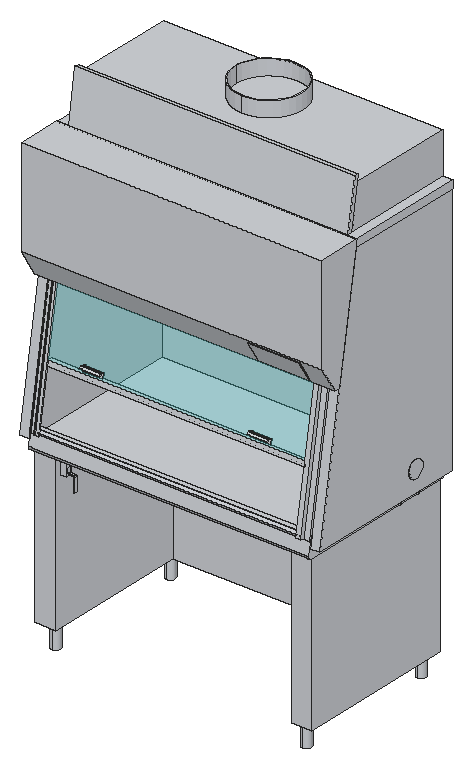
Revit family
Parameters (values of type "NCB-D4")
  Worksurface Length = "49 5/8\""
  Worksurface Depth = "18 7/8\""
  Receptacles = "2 GFCI on circuit breaker, 5 amp total"
  Power cord = "14' cord, 20-amp plug"
  Power Requirements = "115V-1 Phase, 60 Hz, 20 amps"
  Net Weight = "845 lbs"
  Model = "NCB-D4"
  Manufacturer = "The Baker Company"
  Height = "89 1/4\""
  Exhaust collar = 1' - 0"
  Exhaust Flow Requirements (CFM) = "281"
  Cabinet Width = 4' - 5 11/16"
Reference planes (in)
  plane 1 "Center (Front/Back)": y = 4.44022
  plane 2: z = -0.5
  plane 3 "Center (Left/Right)": x = 0
  plane 4: x = 52.9934
  plane 5: y = -24.50243
  plane 6: through (0, -28.49684, 44.979) normal (0, -0.1736, -0.9848)
  plane 7: y = -2.72235
  plane 8: y = -0.39632
  plane 9: through (0, -23.26689, 47.84169) normal (0, -0.9848, 0.1736)
  plane 10: z = 3.92167
  plane 11: x = 52.03906
  plane 12: x = 13.36769
  plane 13: x = 39.45975
  plane 14: x = 43.0058
  plane 15: x = 9.82164
  plane 16: x = 51.28246
  plane 17: x = 50.08301
  plane 18: z = 57.33061
  plane 19: z = 61.98666
  plane 20: z = 79.26318
Forms (in)
  Extrusion 1, solid
    sketch origin (0, 0, -4.59015) x (0, 1, 0) y (0, 0, 1)
      loop
        line (4.44022, 82.53692) -> (-16.95284, 82.53692) -> (-24.90366, 37.78509) -> (4.44022, 37.78509) -> (4.44022, 82.53692)
    from 0 to 1.71094
  Extrusion 2, solid
    sketch origin (0, 4.44022, 0) x (1, 0, 0) y (0, 0, 1)
      loop
        line (1.71094, 77.94677) -> (1.71094, 33.24949) -> (51.28246, 33.24949) -> (51.28246, 77.94677) -> (1.71094, 77.94677)
    from 0 to 0.10547
  Extrusion 3, solid
    sketch origin (0, -0.66566, -16.8125) x (0, 1, 0) y (0, 0, 1)
      loop
        line (5.10588, 96.07568) -> (-16.12016, 96.07568) -> (-16.12016, 94.75927) -> (5.10588, 94.75927) -> (5.10588, 96.07568)
    from 0 to 52.9934
  Extrusion 4, solid
    sketch origin (0, 0, -4.61345) x (0, 1, 0) y (0, 0, 1)
      loop
        line (4.44022, 37.80839) -> (-23.69955, 37.80839) -> (-23.69955, 39.70512) -> (-24.5845, 39.70512) -> (-25.12151, 36.65956)
        arc (-25.12151, 36.65956) -> (-25.01118, 36.24779) -> (-24.62482, 36.06763) r 0.50435
        line (-24.62482, 36.06763) -> (4.44022, 36.06763) -> (4.44022, 37.80839)
    from 1.71094 to 51.28246
  Extrusion 5, solid, detail levels fine
    sketch origin (0, 0, -4.61135) x (0, 1, 0) y (0, 0, 1)
      loop
        line (-24.56989, 38.86429) -> (-24.56989, 39.71023) -> (-25.31039, 39.5256) -> (-24.78644, 38.86429) -> (-24.56989, 38.86429)
    from 2.89446 to 49.85998
  Extrusion 6, solid, detail levels fine
    sketch origin (0, 1.5, -3.4375) x (0, 1, 0) y (0, 0, 1)
      loop
        line (-25.53288, 50.13774) -> (-25.1327, 50.41795)
        arc (-25.1327, 50.41795) -> (-25.11622, 50.42443) -> (-25.09852, 50.42488) r 0.05099
        line (-25.09852, 50.42488) -> (-24.66862, 50.34907)
        arc (-24.66862, 50.34907) -> (-24.63612, 50.32837) -> (-24.62778, 50.29075) r 0.05035
        line (-24.62778, 50.29075) -> (-24.78002, 49.42735)
        arc (-24.78002, 49.42735) -> (-24.76863, 49.47696) -> (-24.75225, 49.52516) r 0.49902
        line (-24.75225, 49.52516) -> (-24.60136, 50.38094)
        arc (-24.60136, 50.38094) -> (-24.62428, 50.39822) -> (-24.65142, 50.40756) r 0.09174
        line (-24.65142, 50.40756) -> (-25.08962, 50.48483)
        arc (-25.08962, 50.48483) -> (-25.13025, 50.48394) -> (-25.16745, 50.46758) r 0.10415
        line (-25.16745, 50.46758) -> (-25.56763, 50.18737)
        arc (-25.56763, 50.18737) -> (-25.57507, 50.14518) -> (-25.53288, 50.13774) r 0.03029
    from 9.82164 to 13.36769
  Extrusion 7, solid, detail levels fine
    sketch origin (30.39471, 1.5, -3.43057) x (0, 1, 0) y (0, 0, 1)
      loop
        line (-25.53288, 50.13774) -> (-25.1327, 50.41795)
        arc (-25.1327, 50.41795) -> (-25.11622, 50.42443) -> (-25.09852, 50.42488) r 0.05099
        line (-25.09852, 50.42488) -> (-24.66862, 50.34907)
        arc (-24.66862, 50.34907) -> (-24.63612, 50.32837) -> (-24.62778, 50.29075) r 0.05035
        line (-24.62778, 50.29075) -> (-24.78002, 49.42735)
        arc (-24.78002, 49.42735) -> (-24.76863, 49.47696) -> (-24.75225, 49.52516) r 0.49902
        line (-24.75225, 49.52516) -> (-24.60136, 50.38094)
        arc (-24.60136, 50.38094) -> (-24.62428, 50.39822) -> (-24.65142, 50.40756) r 0.09174
        line (-24.65142, 50.40756) -> (-25.08962, 50.48483)
        arc (-25.08962, 50.48483) -> (-25.13025, 50.48394) -> (-25.16745, 50.46758) r 0.10415
        line (-25.16745, 50.46758) -> (-25.56763, 50.18737)
        arc (-25.56763, 50.18737) -> (-25.57507, 50.14518) -> (-25.53288, 50.13774) r 0.03029
    from 9.06504 to 12.61109
  Extrusion 8, solid
    sketch origin (-6.73016, 7.63281, 35.5) x (0, 1, 0) y (-1, 0, 0)
      loop
        circle (-4.66698, -11.06242) r 0.8
    from -35.5 to -29.5
  Extrusion 9, solid
    sketch origin (-6.73016, -17.71229, 35.5) x (0, 1, 0) y (-1, 0, 0)
      loop
        circle (-4.66698, -11.06242) r 0.8
    from -35.5 to -31.57833
  Extrusion 10, solid
    sketch origin (62.17172, 1.76431, 35.5) x (0, 1, 0) y (-1, 0, 0)
      loop
        circle (1.18818, 13.50441) r 0.8
    from -35.5 to -29.5
  Extrusion 11, solid
    sketch origin (62.17803, -23.56746, 35.5) x (0, 1, 0) y (-1, 0, 0)
      loop
        circle (1.18818, 13.50441) r 0.8
    from -35.5 to -31.57833
  Extrusion 12, solid, detail levels fine
    sketch origin (-17.77472, -28.89286, -3.78215) x (-1, 0, 0) y (0, 0, 1)
      loop
        line (-27.14319, 33.50389) -> (-27.14319, 30.96295) -> (-27.02465, 30.96295) -> (-27.02465, 33.51426) -> (-26.09244, 33.59582)
        arc (-26.09244, 33.59582) -> (-25.97491, 33.61928) -> (-25.92193, 33.72679) r 0.13555
        line (-25.92193, 33.72679) -> (-25.92193, 34.49776) -> (-26.04047, 34.49776) -> (-26.04047, 33.72679) -> (-27.00465, 33.64243)
        arc (-27.00465, 33.64243) -> (-27.10261, 33.60185) -> (-27.14319, 33.50389) r 0.13854
    from 4.30923 to 4.72846
  Extrusion 13, solid, detail levels fine
    sketch origin (33.75428, -23.88055, -17.4478) x (0, 0, 1) y (-1, 0, 0)
      loop
        line (49.03625, 25.58985) -> (49.03625, 26.57695) -> (46.81996, 26.57695) -> (46.81996, 25.58985) -> (49.03625, 25.58985)
    from 0 to 0.9593
  Extrusion 14, solid
    sketch origin (0, -180, 36.53456) x (-1, 0, 0) y (0, -1, 0)
      loop
        line (-1.98562, -184.18781) -> (-1.98562, -155.77629) -> (-5.72976, -155.77629) -> (-5.72976, -181.77765) -> (-47.48183, -181.77765) -> (-47.48183, -155.77378) -> (-51.00923, -155.77378) -> (-51.00923, -184.18781) -> (-1.98562, -184.18781)
    from -32.61289 to -5.08038
  Extrusion 15, solid
    sketch origin (9.4375, -19.66509, 38.59288) x (0, 0.984808, -0.173648) y (1, 0, 0)
      loop
        line (-4.92075, -5.78636) -> (-4.92075, -6.54304) -> (-4.37778, -6.54304) -> (-4.37778, -7.70711) -> (-3.21131, -7.70711) -> (-3.21131, -7.60164) -> (-4.27231, -7.60164) -> (-4.27231, -6.43758) -> (-4.81528, -6.43758) -> (-4.81528, -5.78636) -> (-4.92075, -5.78636)
    from -23.87642 to 5.15104
  Extrusion 16, solid
    sketch origin (43.77158, -19.77856, 38.63131) x (0, 0.984808, -0.173648) y (1, 0, 0)
      loop
        line (-4.81678, 5.46879) -> (-4.71131, 5.46879) -> (-4.71131, 6.18758) -> (-4.16834, 6.18758) -> (-4.16834, 7.35164) -> (-3.10734, 7.35164) -> (-3.10734, 7.45711) -> (-4.27381, 7.45711) -> (-4.27381, 6.29096) -> (-4.81678, 6.29096) -> (-4.81678, 5.46879)
    from -23.87642 to 5.16917
  Extrusion 17, solid
    sketch origin (51.55728, 0, -4.5926) x (0, 1, 0) y (0, 0, 1)
      loop
        line (4.44022, 82.53937) -> (-16.95018, 82.53937) -> (-24.90323, 37.78754) -> (4.44022, 37.78754) -> (4.44022, 82.53937)
    from -0.33071 to 1.38022
  Extrusion 18, solid
    sketch origin (-0.4375, 0, -4.56135) x (0, 1, 0) y (0, 0, 1)
      loop
        line (4.27629, 37.94379) -> (-24.76903, 37.94379) -> (-24.76903, 37.83917) -> (4.27629, 37.83917) -> (4.27629, 37.94379)
    from 1.65307 to 51.66406
  Extrusion 19, solid, detail levels fine
    sketch origin (53.25374, -17.94011, 88.09738) x (0, 0, 1) y (0, -1, 0)
      loop
        circle (-50.85212, -14.04379) r 1.5
      loop
        line (-50.67786, -14.04379) -> (-49.77155, -13.62117) -> (-49.82897, -13.49805) -> (-50.73088, -13.91862)
        arc (-50.73088, -13.91862) -> (-51.01258, -14.11176) -> (-50.67786, -14.04379) r 0.17426
    from -0.31624 to -0.06624
  Extrusion 20, solid, detail levels fine
    sketch origin (0.01214, -186, 31.97321) x (-1, 0, 0) y (0, -1, 0)
      loop
        circle (-52.3033, -179.60949) r 0.1875
    from 0.52473 to 1.27383
  Extrusion 21, solid, detail levels fine
    sketch origin (0.01214, -182, 31.97321) x (-1, 0, 0) y (0, -1, 0)
      loop
        circle (-52.3033, -179.60949) r 0.1875
    from 0.52473 to 1.27383
  Extrusion 22, solid
    sketch origin (0, 77.73613, 82.81282) x (0, 0, -1) y (0, 1, 0)
      loop
        line (3.54965, -94.45646) -> (3.54965, -102.22293) -> (20.83665, -102.22293) -> (25.48015, -99.43284) -> (25.66987, -98.35686) -> (5.72752, -94.84048) -> (3.54965, -94.45646)
    from 0 to 52.9934
  Extrusion 23, solid
    sketch origin (-8.50197, -3.30978, 86.44677) x (0, -1, 0) y (1, 0, 0)
      loop
        circle (-0.2145, 35.06447) r 6
    from 0 to 2.81241
  Extrusion 24, void
    sketch origin (-8.50197, -4.55978, 86.44677) x (1, 0, 0) y (0, -1, 0)
      loop
        circle (35.06447, -1.4645) r 5.875
    from -4.7469 to 6.07474
  Extrusion 25, solid
    sketch origin (0, 77.4689, 82.81282) x (0, 0, -1) y (0, 1, 0)
      loop
        line (-3.79256, -72.99855) -> (-3.79256, -91.88123) -> (3.54965, -93.17586) -> (3.54965, -72.99855) -> (-3.79256, -72.99855)
    from 1.87891 to 51.20532
  Extrusion 26, solid, detail levels fine
    sketch origin (0, 77.50015, 83.06005) x (0, 0, -1) y (0, 1, 0)
      loop
        line (-4.69337, -91.7224) -> (-4.83754, -92.54002) -> (3.88415, -94.0779) -> (4.02832, -93.26027) -> (-4.69337, -91.7224)
    from 1.87891 to 51.20532
  Extrusion 27, solid, detail levels fine
    sketch origin (0, 3.19726, -6.04276) x (0, 0.999848, 0.017452) y (0, -0.017452, 0.999848)
      loop
        line (-26.29029, 68.05341) -> (-24.00033, 64.08707) -> (-23.96238, 64.10898) -> (-26.25234, 68.07532) -> (-26.29029, 68.05341)
    from 39.82715 to 48.86537
  Extrusion 28, solid, detail levels fine
    sketch origin (3.88368, 2.07168, 0.78031) x (0, -1, 0) y (0, 0, 1)
      loop
        line (25.51722, 44.04396) -> (25.36238, 44.92206) -> (24.6106, 44.7895) -> (24.77202, 43.91256) -> (25.51722, 44.04396)
    from -45.35669 to 0.23254
  Extrusion 29, solid, material "Glass"
    sketch origin (0.3816, 1.5, -2.75) x (0, 1, 0) y (0, 0, 1)
      loop
        line (-21.75313, 65.49949) -> (-24.8678, 47.83533) -> (-24.28687, 47.72839) -> (-21.15335, 65.49949) -> (-21.75313, 65.49949)
    from 2.73834 to 49.57755
Cuts and joins
  Extrusion 24 cuts Extrusion 23
Lines and regions (in)
  reference lines
    curve 1: line (26.79202, 4.44022, 48.60773) -> (26.79202, 4.44022, 24.60773)
    curve 3: line (49.87709, 4.44022, 51.3986) -> (49.87709, 4.44022, 63.6486)
  model lines
    curve 2: line (47.27912, -22.88029, 43.98865) -> (47.27912, -22.84479, 43.98239)
  symbolic lines
    curve 4: line (53.5, -26.47292, 0) -> (0, -26.47292, 0)
    curve 5: line (53.5, 4.44022, 0) -> (53.5, -26.47292, 0)
    curve 6: line (0, 4.44022, 0) -> (53.5, 4.44022, 0)
    curve 7: line (0, -26.47292, 0) -> (0, 4.44022, 0)
  symbolic lines, detail levels fine
    curve 8: line (53.5, -22.87673, 0) -> (0, -22.87673, 0)
    curve 9: line (0, -14.9868, 0) -> (53.5, -14.9868, 0)
    curve 10: line (40.11658, -14.9868, 0) -> (40.11658, -22.87673, 0)
    curve 11: line (53.5, -19.19835, 0) -> (40.11658, -19.19835, 0)
    curve 12: line (40.11658, -18.30988, 0) -> (0, -18.30988, 0)
  model lines, detail levels fine
    curve 13: line (14.65607, -24.53582, 74.74994) -> (18.65607, -24.53582, 74.74994)
    curve 14: line (14.65607, -24.53582, 70.74994) -> (14.65607, -24.53582, 74.74994)
    curve 15: line (18.65607, -24.53582, 70.74994) -> (14.65607, -24.53582, 70.74994)
    curve 16: line (18.65607, -24.53582, 74.74994) -> (18.65607, -24.53582, 70.74994)
    curve 17: circle (16.6766, -24.53582, 72.82165) r 1 normal (0, 1, 0)
    curve 18: line (39.8874, -24.50243, 65.36592) -> (39.8874, -24.50243, 75.86592)
    curve 19: line (39.8874, -24.50243, 75.86592) -> (48.78163, -24.50243, 75.86592)
    curve 20: line (48.78163, -24.50243, 75.86592) -> (48.78163, -24.50243, 65.36592)
    curve 21: line (48.78163, -24.50243, 65.36592) -> (39.8874, -24.50243, 65.36592)
    curve 22: circle (7.90848, -24.53582, 72.58879) r 2.25 normal (0, 1, 0)
    curve 23: line (19.40607, -24.53582, 76.62494) -> (34.20965, -24.53582, 76.62494)
Dimensions and locks (in)
  plane 4 to plane 3 "Center (Left/Right)" = 4' - 4.9934"
  locked: plane 4 to plane 16 at 1.71094
  locked: plane 4 to plane 14 at 9.9876
  locked: plane 14 to Extrusion 7 at 3.54605
  locked: plane 4 to plane 17 at 2.91039
  plane 4 to plane 16 = 0' - 1 91/128"  (x3)
  plane 14 to Extrusion 16 = 0' - 6.23457"
  Extrusion 1 to Extrusion 15 = 0' - 3.65114"
  plane 12 to plane 15 = 0' - 3.54605"
  Extrusion 17 to Extrusion 16 = 0' - 3.69713"
  Extrusion 26 to level = 7' - 3.89759"
  aligned and locked: Extrusion 9 to plane 10
  aligned and locked: Extrusion 11 to plane 10
  aligned: plane 4 to Extrusion 4
  aligned and locked: plane 16 to Extrusion 2
  aligned and locked: plane 14 to Extrusion 7
  aligned and locked: plane 4 to Extrusion 3
  aligned: Extrusion 4 to plane 3 "Center (Left/Right)"
  aligned and locked: Extrusion 4 to plane 16
  aligned and locked: plane 4 to Extrusion 22
  aligned and locked: plane 1 "Center (Front/Back)" to Extrusion 4 sketch curve
